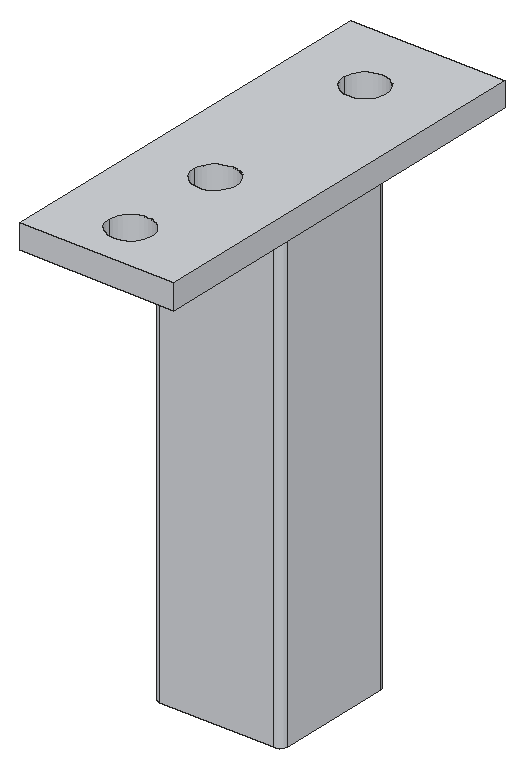
Revit family "MP521", category Generic Models, Revit 2017
Family settings
  Can host rebar = No
  Round Connector Dimension = Use Diameter
  Part Type = Normal
  Work Plane-Based = Yes
  Always vertical = No
  Cut with Voids When Loaded = No
  Shared = No
  Room Calculation Point = No
Parameters (values of type "NBS Standard Parameters")
  Weight = "0.800Kg"
  WarrantyStartDate [instance] = "1900-12-31T23:59:59"
  WarrantyGuarantorParts = "n/a"
  WarrantyGuarantorLabor = "n/a"
  WarrantyDurationUnit = "1 year"
  WarrantyDurationParts = "n/a"
  WarrantyDurationLabor = "n/a"
  WarrantyDescription = "n/a"
  Version = "1"
  Uniclass2 = "Pr_65-70-11-19"
  TagNumber [instance] = "n/a"
  SustainabilityPerformance = "n/a"
  Size = "150mm"
  Shape = "n/a"
  SerialNumber [instance] = "n/a"
  Revision = "n/a"
  ReplacementCost = "n/a"
  ProductInformation = "www.metpro.co.uk/pdf/mp521.pdf"
  NominalWidth = 49.5 mm
  NominalLength = 155 mm
  NominalHeight = 130 mm
  Name = ""
  NBSTypeID = ""
  NBSReference = "90-55-10/305"
  NBSOfficeMasterTag = ""
  NBSNote = ""
  NBSDescription = "Channel Cable Supports"
  NBSCertification = ""
  ModelReference = "MP521"
  ModelNumber = "n/a"
  Material = "Steel"
  ManufacturerURL = "www.metpro.co.uk"
  ManufacturerName = "Metpro Ltd"
  Keynote = "Compliant to LU Standard 1-085"
  InstallationDate [instance] = "1900-12-31T23:59:59"
  IfcExportType = ""
  IfcExportAs = ""
  Grade = "n/a"
  Finish = "Hot Dipped Galvanised"
  Features = "n/a"
  ExpectedLife = "n/a"
  DurationUnit = "year"
  Description = "MP521  150mm Channel Cantilever Arm - 2 Hole Base Plate"
  Default Elevation = 1219.2 mm
  Constituents = "n/a"
  Color = "n/a"
  CodePerformance = "n/a"
  Category = "n/a"
  BarCode [instance] = "n/a"
  BIMObjectName = "metpro_metprolibrary_channelcablesupports_canteleverarms_2holeplate"
  Author = "Metpro Ltd"
  AssetType = ""
  AssetIdentifier [instance] = "n/a"
  AccessibilityPerformance = "n/a"
Reference planes
  plane 1 "Center (Front/Back)": y = 0
  plane 2: z = 0
  plane 3 "Center (Left/Right)": x = 0
Forms (mm)
  Extrusion 1, solid
    sketch origin (27.148, -15.353, 0) x (1, 0, 0) y (0, 1, 0)
      loop
        line (-19.975, 37.037) -> (-15.975, 37.037) -> (-15.975, 31.537) -> (-13.475, 31.537) -> (-13.475, 38.244)
        arc (-13.475, 38.244) -> (-13.854, 39.158) -> (-14.769, 39.537) r 1.293
        line (-14.769, 39.537) -> (-20.452, 39.537)
        arc (-20.452, 39.537) -> (-21.883, 38.944) -> (-22.475, 37.514) r 2.023
        line (-22.475, 37.514) -> (-22.475, 0.077)
        arc (-22.475, 0.077) -> (-21.732, -1.719) -> (-19.936, -2.463) r 2.54
        line (-19.936, -2.463) -> (16.996, -2.463)
        arc (16.996, -2.463) -> (18.784, -1.722) -> (19.525, 0.066) r 2.529
        line (19.525, 0.066) -> (19.525, 37.555)
        arc (19.525, 37.555) -> (18.944, 38.957) -> (17.543, 39.537) r 1.982
        line (17.543, 39.537) -> (10.861, 39.537)
        arc (10.861, 39.537) -> (9.922, 39.148) -> (9.533, 38.209) r 1.328
        line (9.533, 38.209) -> (9.533, 31.537) -> (12.033, 31.537) -> (12.033, 37.037) -> (17.025, 37.037) -> (17.025, 2.321)
        arc (17.025, 2.321) -> (16.356, 0.706) -> (14.741, 0.037) r 2.284
        line (14.741, 0.037) -> (-17.616, 0.037)
        arc (-17.616, 0.037) -> (-19.284, 0.728) -> (-19.975, 2.396) r 2.359
        line (-19.975, 2.396) -> (-19.975, 37.037)
    from 0 to 150
  Extrusion 2, solid
    sketch origin (27.148, -15.353, 150) x (1, 0, 0) y (0, 1, 0)
      loop
        line (22.852, 83.718) -> (-27.148, 83.718) -> (-27.148, -50.337) -> (22.852, -50.337) -> (22.852, 83.718)
      loop
        circle (-3.574, -34.911) r 7
      loop
        circle (-3.167, -1.096) r 7
      loop
        circle (-3.167, 59.607) r 7
    from 0 to 8
Dimensions and locks
  aligned and locked: level to plane 2
